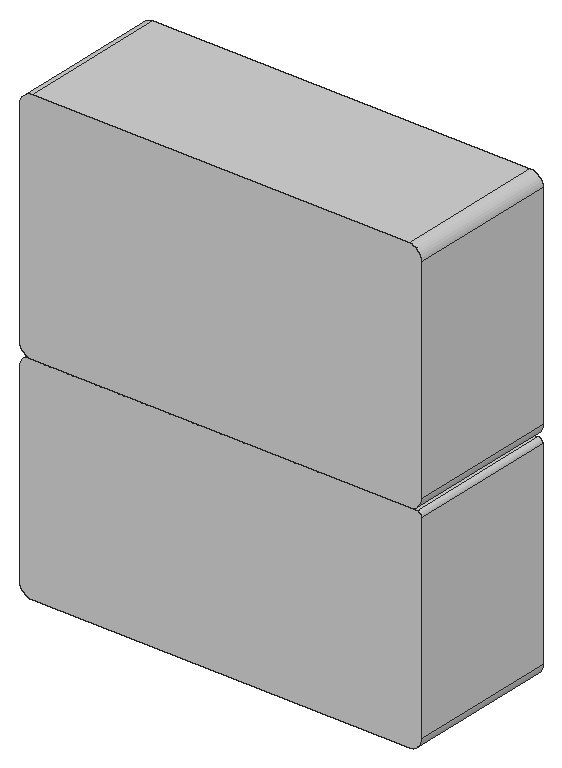
Revit family "Building-IEC309Boards-GEWISS-68QDIN-DISTRIBUTION-BOARD-14MOD_BLANK", category Attrezzatura elettrica, host Muro, Revit 2016
Family settings
  Host = Muro
  Configurazione quadro = Due colonne, circuiti in orizzontale
  Tipo di parte = Pannello comandi
  Quota connettore circolare = Usa diametro
  Numero OmniClass = 23.80.30.11.17
  Titolo OmniClass = Distribution Boards and Control Panels
  Sempre verticale = Sì
  Taglio con vuoti quando caricato = No
  Condiviso = No
  Punto di calcolo locali = No
Parameters (values of type "GW68004N - Q-DIN 14M.BLIND COV. 360X320X135 IP65")
  potenza = 400 V
  Voltaggio = "400V"
  Vista di pianta [instance] = yes
  Vetro = GEWISS - vetro
  Version type = "Empty"
  Version file RFA = "18.0"
  URL = "https://www.gewiss.com/ww/en"
  Thermo-pressure with ball = "70 °C"
  Technical sheet = "https://www.gewiss.com/ww/en/search?q=GW68004N"
  Struttura = GEWISS - Grigio RAL - 7035
  Simbolo Acceso [instance] = yes
  Shock resistance = "IK09"
  SEO = "Board"
  Realized by GEWISS S.p.A. = ""
  Produttore = "GEWISS S.p.A."
  Presa = GEWISS - Grigio RAL - 7035
  Operating temperature: = "-25 +40 °C"
  Offset etichetta nome quadro [instance] = 125 mm
  Numero di poli = 3
  Panel Name [instance] = "NOME"
  No. of provided blank lids = "-"
  No. of modules EN 50022 = "14"
  Modello = "GW68004N"
  Insulation class = "II"
  Installation type = "Surface-mounting"
  Immagine tipo = GW68004N.jpg
  IP degree = "IP65"
  IFC.TypeObject = ""
  IFC.ExportType = ""
  IFC.ExportAs = ""
  IDT = "d585780b-ac8c-4f69-a7b1-54dd751465a2"
  IDF = "a3353da9-37d5-4705-baba-cf205a3a377c"
  Houseable socket = "Blank lid"
  H_da terra = 1200 mm
  Glow Wire Test = "650°C"
  Electrocod = "2242"
  ETICHETTA NOME QUADRO [instance] = yes
  EAN code = "8011564744752"
  Distanza dal muro [instance] = 0 mm
  Dist_simb_orizz [instance] = 0 mm
  Dispersible power B (W) = "64"
  Dispersible power A (W) = "24"
  Descrizione = "Q-DIN 14M.BLIND COV. 360X320X135 IP65"
  Commenti sul tipo = "GEWISS"
  Colour = "Grey RAL 7035"
  Classificazione carico = Altro
  Catalogue Range = "68 QDIN"
  Catalogue = "BUILDING"
  Carico apparente = 0 VA
  Cornice simbolo [instance] = no
  COBie.Tagnumber = ""
  COBie.CreatedOn = ""
  COBie.CreatebBy = ""
  COBie.ComponentRegisterItemID = ""
  COBie.Component.TagNumber = ""
  COBie.Component.Space = ""
  COBie.Component.SerialNumber = ""
  COBie.Component.InstallationDate = ""
  COBie.Component.Description = ""
  COBie.Component.BarCode = ""
  Accordance with Standards = "EN 60208 - EN 60670-1 - IEC 60670-24"
Reference planes
  plane 1 "Muro": y = 0
  plane 2 "Centro (Sinistra/Destra)": x = 125
  plane 3 "Indietro": y = 75
  plane 4: z = 1200
  plane 5: y = 200
  plane 6: x = 125
Lines and regions (mm)
  Masking region 1, visible <- "Vista di pianta"
    outline origin (0, 0, 0) x (1, 0, 0) y (0, 1, 0)
      loop
        line (-35, 75) -> (285, 75) -> (285, 175) -> (-35, 175) -> (-35, 75)
  Masking region 2
    outline origin (125, 0, 0) x (0, 1, 0) y (0, 0, 1)
      loop
        line (75, 1200) -> (75, 1033) -> (195, 1033) -> (195, 1200) -> (75, 1200)
  Masking region 3
    outline origin (125, 0, 0) x (0, 1, 0) y (0, 0, 1)
      loop
        line (75, 840) -> (195, 840) -> (195, 1011.217) -> (75, 1011.217) -> (75, 840)
Text (mm)
  text "Lato posizionamento" at (-1848.837, 1116.779, 0), in view "Livello rif."
  text "Lato posizionamento" at (0, 1409.804, 2854.306), in view "Sinistra"
  text "Lato posizionamento" at (0, 499.811, 2980.732), in view "Destra"
Dimensions and locks
  locked: plane 3 "Indietro" to host wall
  "H_da terra": level to plane 4
  "Dist_simb_orizz": plane 6 to plane 2 "Centro (Sinistra/Destra)"
  "Offset etichetta nome quadro": plane 3 "Indietro" to plane 5
  aligned and locked: plane 1 "Muro" to host wall
  aligned and locked: plane 6 to nested 2
  aligned and locked: nested 3 to plane 5
  aligned and locked: Masking region 1 sketch curve to nested 1  (x4)
  aligned and locked: Masking region 2 sketch curve to nested 1  (x3)
  aligned and locked: nested 1 to Masking region 2 sketch curve
  aligned and locked: Masking region 3 sketch curve to nested 1  (x4)
  aligned and locked: plane 2 "Centro (Sinistra/Destra)" to nested 3
  aligned and locked: nested 1 to plane 3 "Indietro"
  aligned and locked: nested 1 to plane 2 "Centro (Sinistra/Destra)"
  aligned and locked: plane 4 to nested 1
  aligned and locked: plane 2 "Centro (Sinistra/Destra)" to nested 4
  aligned and locked: nested 4 to plane 4
Nested families
  nested 1: "QDIN10 QUADRO VUOTO" at (125, 75, 253.117) x (-1, 0, 0) z (0, 0, 1), type "QDIN10 QUADRO VUOTO"
  nested 2: "CENTRALINO" at (125, 116.895, 0), BORDO ACCESO <- "Cornice simbolo", SIMBOLO ACCESO <- "Simbolo Acceso", Distanza dal muro <- "Distanza dal muro", type "CENTRALINO"
    with SIMBOLO ACCESO yes, Distanza dal muro 0 mm, BORDO ACCESO no
  nested 3: "NOME QUADRO" at (125, 200, 0), TXT <- "Panel Name", visible <- "ETICHETTA NOME QUADRO", type "NOME QUADRO"
    with TXT "NOME"
  nested 4: "2D - QDIN14 VUOTO" at (125, 0, 840) x (-1, 0, 0) z (0, -1, 0), type "BIDIMENSIONALE"
Connectors
  electrical at (125, 135, 840), driven by "Numero di poli", driven by "Classificazione carico", driven by "potenza", driven by "Carico apparente"
    settings: on nested 1, index 1, voltage 400 V, apparent load 0 VA, apparent load phase1 0 VA, apparent load phase2 0 VA, apparent load phase3 0 VA, power factor 1, load classification "Altro", number of poles 3, system type 31, power factor state 1, is connector primary yes, connector utility no, sub classification motor no, connector description ""
Definition of nested family "QDIN10 QUADRO VUOTO"
  Parameters (values of type "QDIN10 QUADRO VUOTO")
    Vetro = none
    Struttura = none
    Spessore = 120 mm
    Default Elevation = 14 mm
    Presa = none
    Lunghezza = 320 mm
    IFC.TypeObject = ""
    IFC.ExportType = ""
    IFC.ExportAs = ""
    H_da terra = 586.883 mm
    COBie.CreatedOn = ""
    COBie.CreatebBy = ""
    COBie.ComponentRegisterItemID = ""
    COBie.Component.TagNumber = ""
    COBie.Component.Space = ""
    COBie.Component.SerialNumber = ""
    COBie.Component.InstallationDate = ""
    COBie.Component.Description = ""
    COBie.Component.BarCode = ""
    Altezza = 360 mm
  Reference planes
    plane 1 "Centro (Fronte/Retro)": y = 0
    plane 2: z = 0
    plane 3 "Centro (Sinistra/Destra)": x = 0
    plane 4 "s": y = -100
    plane 5: z = 586.883
    plane 6: z = 946.883
    plane 7: x = -160
    plane 8: x = 160
    plane 9: z = 779.883
    plane 10: y = -80.196
    plane 11: x = -157.597
    plane 12: x = 157.589
    plane 13: z = 789.383
    plane 14: z = 908.347
    plane 15: y = -46.089
    plane 16: y = -87.126
  Forms (mm)
    Extrusion 1, solid, material <- "Struttura"
      sketch origin (0, 0, 0) x (1, 0, 0) y (0, 0, 1)
        loop
          arc (-150, 946.883) -> (-157.071, 943.954) -> (-160, 936.883) r 10
          line (-160, 936.883) -> (-160, 768.1)
          arc (-160, 768.1) -> (-157.071, 761.029) -> (-150, 758.1) r 10
          line (-150, 758.1) -> (150, 758.1)
          arc (150, 758.1) -> (157.071, 761.029) -> (160, 768.1) r 10
          line (160, 768.1) -> (160, 936.883)
          arc (160, 936.883) -> (157.071, 943.954) -> (150, 946.883) r 10
          line (150, 946.883) -> (-150, 946.883)
      from 0 to 120
    Extrusion 2, solid, material <- "Struttura"
      sketch origin (0, 0, 0) x (1, 0, 0) y (0, 0, 1)
        loop
          line (152.45, 758.1) -> (-156.38, 758.1)
          arc (-156.38, 758.1) -> (-158.94, 757.04) -> (-160, 754.481) r 3.62
          line (-160, 754.481) -> (-160, 596.883)
          arc (-160, 596.883) -> (-157.071, 589.812) -> (-150, 586.883) r 10
          line (-150, 586.883) -> (150, 586.883)
          arc (150, 586.883) -> (157.071, 589.812) -> (160, 596.883) r 10
          line (160, 596.883) -> (160, 750.55)
          arc (160, 750.55) -> (157.789, 755.889) -> (152.45, 758.1) r 7.55
      from 0 to 120
    Extrusion 3, void
      sketch origin (0, 0, 0) x (1, 0, 0) y (0, 0, 1)
        loop
          line (-157.597, 908.347) -> (-157.597, 789.383) -> (157.589, 789.383) -> (157.589, 908.347) -> (-157.597, 908.347)
      from 46.089 to 120
    Extrusion 4, solid, material <- "Vetro", detail levels fine
      sketch origin (0, 0, 0) x (1, 0, 0) y (0, 0, 1)
        loop
          line (-157.597, 908.347) -> (-157.597, 789.383) -> (157.589, 789.383) -> (157.589, 908.347) -> (-157.597, 908.347)
      from 87.126 to 120.5
  Cuts and joins
    Extrusion 3 cuts Extrusion 1
  Dimensions and locks
    plane 4 "s" to plane 1 "Centro (Fronte/Retro)" = 100 mm  (x2)
    "H_da terra": plane 5 to level
    equal spacing: plane 7, plane 3 "Centro (Sinistra/Destra)", plane 8
    "Lunghezza": plane 7 to plane 8
    locked: plane 4 "s" to plane 10 at 19.804
    locked: plane 6 to plane 14 at 38.537
    locked: plane 13 to plane 9 at 9.5
    locked: plane 7 to plane 11 at 2.403
    locked: plane 12 to plane 8 at 2.411
    locked: plane 4 "s" to plane 15 at 53.911
    locked: plane 4 "s" to plane 16 at 12.874
    "Altezza": plane 6 to plane 5
    locked: plane 14 to plane 13 at 118.963
    aligned and locked: level to plane 2
    aligned and locked: Extrusion 1 sketch curve to plane 6
    aligned and locked: Extrusion 1 sketch curve to plane 8
    aligned and locked: Extrusion 1 sketch curve to plane 7
    aligned and locked: Extrusion 2 sketch curve to plane 8
    aligned and locked: Extrusion 2 sketch curve to plane 7
    aligned and locked: Extrusion 2 sketch curve to plane 5
    aligned and locked: Extrusion 3 sketch curve to plane 14
    aligned and locked: Extrusion 3 sketch curve to plane 12
    aligned and locked: Extrusion 3 sketch curve to plane 11
    aligned and locked: Extrusion 3 sketch curve to plane 13
    aligned and locked: plane 15 to cut or joined group of Extrusion 1, Extrusion 3
    aligned and locked: Extrusion 4 sketch curve to plane 14
    aligned and locked: Extrusion 4 sketch curve to plane 12
    aligned and locked: Extrusion 4 sketch curve to plane 13
    aligned and locked: Extrusion 4 sketch curve to plane 11
    aligned and locked: plane 16 to Extrusion 4
  Automatic sketch dimensions
    Extrusion 1 sketch curve to Extrusion 1 sketch curve = 10 mm  (x2)
    Extrusion 1 sketch curve to plane 7 = 10 mm
    plane 8 to Extrusion 1 sketch curve = 10 mm
    Extrusion 2 sketch curve to Extrusion 2 sketch curve = 3.62 mm
    Extrusion 2 sketch curve to plane 7 = 10 mm
    Extrusion 2 sketch curve to Extrusion 2 sketch curve = 10 mm
    plane 8 to Extrusion 2 sketch curve = 7.55 mm
    plane 13 to Extrusion 1 sketch curve = 21.283 mm
    plane 9 to Extrusion 2 sketch curve = 29.333 mm
Definition of nested family "CENTRALINO"
  Parameters (values of type "CENTRALINO")
    SIMBOLO ACCESO [instance] = yes
    Distanza dal muro [instance] = 0 mm
    BORDO ACCESO [instance] = yes
  Reference planes
    plane 1: y = 0
    plane 2: x = 0
  Dimensions and locks
    "Distanza dal muro": plane 1 to nested 1
    aligned and locked: plane 2 to nested 1
  Nested families
    nested 1: "CENTRALINO_BASE" at (0, 0, 0), BORDO ACCESO <- "BORDO ACCESO", visible <- "SIMBOLO ACCESO", type "CENTRALINO"
      with BORDO ACCESO yes
  Definition of nested family "CENTRALINO_BASE"
    Parameters (values of type "CENTRALINO")
      Distanza dal muro = 0 mm
      BORDO ACCESO [instance] = yes
    Reference planes
      plane 1: y = 0
      plane 2: x = 0
    Lines and regions (mm)
      detail lines, visible <- "BORDO ACCESO", not visible
        curve 1: line (-2.443, 10.208, 0) -> (2.057, 10.208, 0)
        curve 2: line (2.057, 10.208, 0) -> (2.057, 4.208, 0)
        curve 3: line (2.057, 4.208, 0) -> (-2.443, 4.208, 0)
        curve 4: line (-2.443, 4.208, 0) -> (-2.443, 10.208, 0)
        curve 5: line (-2.043, 9.808, 0) -> (1.657, 9.808, 0)
        curve 6: line (1.657, 9.808, 0) -> (1.657, 4.608, 0)
        curve 7: line (1.657, 4.608, 0) -> (-2.043, 4.608, 0)
        curve 8: line (-2.043, 4.608, 0) -> (-2.043, 9.808, 0)
      detail lines
        curve 9: line (0, 0.905, 0) -> (0, 0.235, 0)
        curve 10: line (0.659, 0.905, 0) -> (0.659, 1.564, 0)
        curve 11: line (0.659, 1.564, 0) -> (-0.659, 1.564, 0)
        curve 12: line (-0.659, 1.564, 0) -> (-0.659, 0.905, 0)
        curve 13: line (-0.659, 0.905, 0) -> (0.659, 0.905, 0)
        curve 14: line (0.497, 1.564, 0) -> (0.497, 2.235, 0)
        curve 15: line (0.167, 1.564, 0) -> (0.167, 2.235, 0)
        curve 16: line (-0.162, 1.564, 0) -> (-0.162, 2.235, 0)
        curve 17: line (-0.491, 1.564, 0) -> (-0.491, 2.235, 0)
Definition of nested family "NOME QUADRO"
  Parameters (values of type "NOME QUADRO")
    TXT [instance] = ""
  Reference planes
    plane 1: y = 0
    plane 2: x = 0
  Text (mm)
    label "NOME QUADRO" at (0.217, 0.029, 0), shows "TXT"
Definition of nested family "2D - QDIN14 VUOTO"
  Reference planes
    plane 1 "Centro (Fronte/Retro)": y = 0
    plane 2: z = 0
    plane 3 "Centro (Sinistra/Destra)": x = 0
  Lines and regions (mm)
    model lines, in view "Livello rif."
      curve 1: line (-144.702, 0, 0) -> (144.702, 0, 0)
      curve 2: line (-126, 267.5, 0) -> (126, 267.5, 0)
      curve 3: line (126, 267.5, 0) -> (126, 222.5, 0)
      curve 4: line (126, 222.5, 0) -> (-126, 222.5, 0)
      curve 5: line (-126, 222.5, 0) -> (-126, 267.5, 0)
      curve 6: line (-144.291, 192.498, 0) -> (144.291, 192.498, 0)
      curve 7: line (144.291, 171.977, 0) -> (144.153, 171.246, 0)
      curve 8: line (144.153, 171.246, 0) -> (143.706, 170.563, 0)
      curve 9: line (143.706, 170.563, 0) -> (143.207, 170.199, 0)
      curve 10: line (143.207, 170.199, 0) -> (142.29, 169.978, 0)
      curve 11: line (142.29, 169.978, 0) -> (-142.29, 169.978, 0)
      curve 12: line (-142.29, 169.978, 0) -> (-143.207, 170.199, 0)
      curve 13: line (-143.207, 170.199, 0) -> (-143.706, 170.563, 0)
      curve 14: line (-143.706, 170.563, 0) -> (-144.153, 171.246, 0)
      curve 15: line (-144.153, 171.246, 0) -> (-144.291, 171.977, 0)
      curve 16: line (-144.291, 171.977, 0) -> (-144.291, 292.197, 0)
      curve 17: line (-144.291, 292.197, 0) -> (-144.153, 292.928, 0)
      curve 18: line (-144.153, 292.928, 0) -> (-143.706, 293.612, 0)
      curve 19: line (-143.706, 293.612, 0) -> (-143.207, 293.975, 0)
      curve 20: line (-143.207, 293.975, 0) -> (-142.291, 294.197, 0)
      curve 21: line (-142.291, 294.197, 0) -> (142.291, 294.197, 0)
      curve 22: line (142.291, 294.197, 0) -> (143.207, 293.975, 0)
      curve 23: line (143.207, 293.975, 0) -> (143.706, 293.612, 0)
      curve 24: line (143.706, 293.612, 0) -> (144.153, 292.928, 0)
      curve 25: line (144.153, 292.928, 0) -> (144.291, 292.197, 0)
      curve 26: line (144.291, 292.197, 0) -> (144.291, 171.977, 0)
      curve 27: line (-145, 0, 0) -> (-149.387, 0.656, 0)
      curve 28: line (-149.387, 0.656, 0) -> (-152.763, 2.165, 0)
      curve 29: line (-152.763, 2.165, 0) -> (-155.607, 4.393, 0)
      curve 30: line (-155.607, 4.393, 0) -> (-158.144, 7.773, 0)
      curve 31: line (-158.144, 7.773, 0) -> (-159.451, 10.981, 0)
      curve 32: line (-159.451, 10.981, 0) -> (-160, 15, 0)
      curve 33: line (-160, 15, 0) -> (-160, 345, 0)
      curve 34: line (-160, 345, 0) -> (-159.451, 349.019, 0)
      curve 35: line (-159.451, 349.019, 0) -> (-158.144, 352.227, 0)
      curve 36: line (-158.144, 352.227, 0) -> (-155.607, 355.607, 0)
      curve 37: line (-155.607, 355.607, 0) -> (-152.763, 357.835, 0)
      curve 38: line (-152.763, 357.835, 0) -> (-149.387, 359.344, 0)
      curve 39: line (-149.387, 359.344, 0) -> (-145, 360, 0)
      curve 40: line (-145, 360, 0) -> (145, 360, 0)
      curve 41: line (145, 360, 0) -> (149.387, 359.344, 0)
      curve 42: line (149.387, 359.344, 0) -> (152.763, 357.835, 0)
      curve 43: line (152.763, 357.835, 0) -> (155.607, 355.607, 0)
      curve 44: line (155.607, 355.607, 0) -> (158.144, 352.227, 0)
      curve 45: line (158.144, 352.227, 0) -> (159.451, 349.019, 0)
      curve 46: line (159.451, 349.019, 0) -> (160, 345, 0)
      curve 47: line (160, 345, 0) -> (160, 15, 0)
      curve 48: line (160, 15, 0) -> (159.451, 10.981, 0)
      curve 49: line (159.451, 10.981, 0) -> (158.144, 7.773, 0)
      curve 50: line (158.144, 7.773, 0) -> (155.607, 4.393, 0)
      curve 51: line (155.607, 4.393, 0) -> (152.763, 2.165, 0)
      curve 52: line (152.763, 2.165, 0) -> (149.387, 0.656, 0)
      curve 53: line (149.387, 0.656, 0) -> (145, 0, 0)
      curve 54: line (54.182, 186.22, 0) -> (50.802, 184.021, 0)
      curve 55: line (50.802, 184.021, 0) -> (47.801, 182.819, 0)
      curve 56: line (47.801, 182.819, 0) -> (45.226, 182.293, 0)
      curve 57: line (45.226, 182.293, 0) -> (42.5, 182.128, 0)
      curve 58: line (42.5, 182.128, 0) -> (9.776, 182.128, 0)
      curve 59: line (9.776, 182.128, 0) -> (8.737, 186.007, 0)
      curve 60: line (54.546, 188.911, 0) -> (56.087, 188.911, 0)
      curve 61: line (56.087, 188.911, 0) -> (56.37, 188.743, 0)
      curve 62: line (56.37, 188.743, 0) -> (54.182, 186.22, 0)
      curve 63: line (-54.182, 186.22, 0) -> (-50.802, 184.021, 0)
      curve 64: line (-50.802, 184.021, 0) -> (-47.801, 182.819, 0)
      curve 65: line (-47.801, 182.819, 0) -> (-45.226, 182.293, 0)
      curve 66: line (-45.226, 182.293, 0) -> (-42.5, 182.128, 0)
      curve 67: line (-42.5, 182.128, 0) -> (-9.776, 182.128, 0)
      curve 68: line (-9.776, 182.128, 0) -> (-8.737, 186.007, 0)
      curve 69: line (-54.546, 188.911, 0) -> (-56.087, 188.911, 0)
      curve 70: line (-56.087, 188.911, 0) -> (-56.37, 188.743, 0)
      curve 71: line (-56.37, 188.743, 0) -> (-54.182, 186.22, 0)
      curve 72: line (-54.546, 188.911, 0) -> (-55, 190.35, 0)
      curve 73: line (-55, 190.35, 0) -> (-55, 192.498, 0)
      curve 74: line (-55, 192.498, 0) -> (-55, 194.756, 0)
      curve 75: line (-55, 194.756, 0) -> (-53.799, 196.528, 0)
      curve 76: line (-53.799, 196.528, 0) -> (-51.988, 197.805, 0)
      curve 77: line (-51.988, 197.805, 0) -> (-49.23, 199.195, 0)
      curve 78: line (-49.23, 199.195, 0) -> (-46.338, 200.082, 0)
      curve 79: line (-46.338, 200.082, 0) -> (-43.973, 200.433, 0)
      curve 80: line (-43.973, 200.433, 0) -> (-42.5, 200.493, 0)
      curve 81: line (-42.5, 200.493, 0) -> (42.5, 200.493, 0)
      curve 82: line (42.5, 200.493, 0) -> (43.973, 200.433, 0)
      curve 83: line (43.973, 200.433, 0) -> (46.338, 200.082, 0)
      curve 84: line (46.338, 200.082, 0) -> (49.23, 199.195, 0)
      curve 85: line (49.23, 199.195, 0) -> (51.988, 197.805, 0)
      curve 86: line (51.988, 197.805, 0) -> (53.799, 196.528, 0)
      curve 87: line (53.799, 196.528, 0) -> (55, 194.756, 0)
      curve 88: line (55, 194.756, 0) -> (55, 192.498, 0)
      curve 89: line (55, 192.498, 0) -> (55, 190.35, 0)
      curve 90: line (55, 190.35, 0) -> (54.546, 188.911, 0)
      curve 91: line (0.01, 171.82, 0) -> (-4.782, 173.104, 0)
      curve 92: line (-4.782, 173.104, 0) -> (-8.289, 176.612, 0)
      curve 93: line (-8.289, 176.612, 0) -> (-9.573, 181.403, 0)
      curve 94: line (-9.573, 181.403, 0) -> (-8.289, 186.195, 0)
      curve 95: line (-8.289, 186.195, 0) -> (-4.782, 189.703, 0)
      curve 96: line (-4.782, 189.703, 0) -> (0.01, 190.987, 0)
      curve 97: line (0.01, 190.987, 0) -> (4.802, 189.703, 0)
      curve 98: line (4.802, 189.703, 0) -> (8.309, 186.195, 0)
      curve 99: line (8.309, 186.195, 0) -> (9.593, 181.403, 0)
      curve 100: line (9.593, 181.403, 0) -> (8.309, 176.612, 0)
      curve 101: line (8.309, 176.612, 0) -> (4.802, 173.104, 0)
      curve 102: line (4.802, 173.104, 0) -> (0.01, 171.82, 0)
